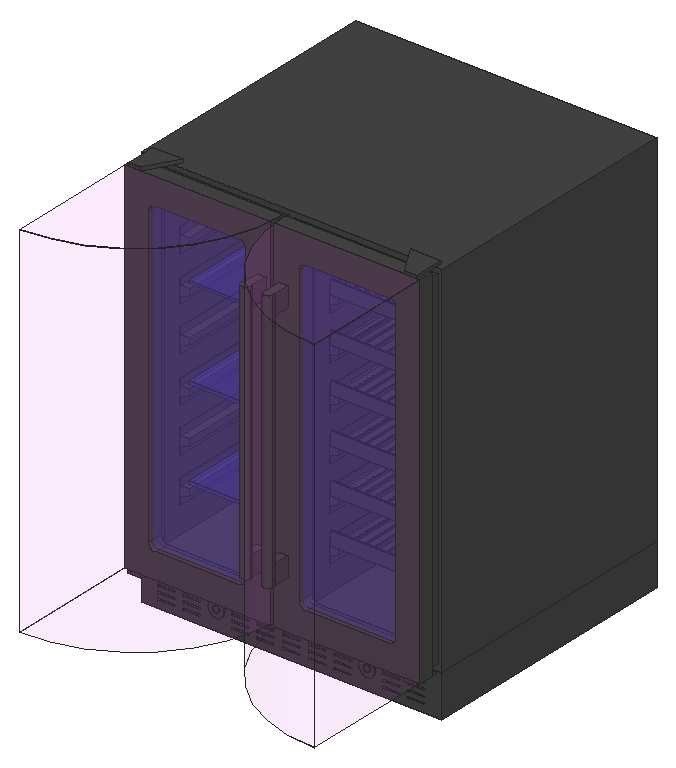
Revit family "QF_Summit_ALFD24WBV_Freestanding_Dual_Zone_Wine", category Specialty Equipment, Revit 2020 (continued)
Definition of nested family "ALFD24WBV"
  Automatic sketch dimensions
    Extrusion 15 sketch curve to Extrusion 11 = 3.72334"
    Extrusion 15 sketch curve to Extrusion 15 sketch curve = 14.42973"
    Extrusion 15 sketch curve to Extrusion 15 sketch curve = 0"  (x9)
    Extrusion 15 sketch curve to Extrusion 15 sketch curve = 0.24975"  (x8)
    Extrusion 15 sketch curve to Extrusion 15 sketch curve = 0.50025"  (x8)
    Extrusion 15 sketch curve to Extrusion 15 sketch curve = 0.43725"
    Extrusion 15 sketch curve to Extrusion 11 = 0.2497"
    Extrusion 15 sketch curve to Extrusion 11 = 0.22309"
    Extrusion 16 sketch curve to Extrusion 11 = 0"  (x10)
    Extrusion 16 sketch curve to Extrusion 11 = 3.72334"
    Extrusion 16 sketch curve to Extrusion 16 sketch curve = 14.42973"
    Extrusion 16 sketch curve to Extrusion 16 sketch curve = 0"  (x9)
    Extrusion 16 sketch curve to Extrusion 16 sketch curve = 0.24975"  (x8)
    Extrusion 16 sketch curve to Extrusion 16 sketch curve = 0.50025"  (x8)
    Extrusion 16 sketch curve to Extrusion 16 sketch curve = 0.43725"
    Extrusion 16 sketch curve to Extrusion 11 = 0.2497"
    Extrusion 16 sketch curve to Extrusion 11 = 0.22309"
    Extrusion 17 sketch curve to Extrusion 11 = 0"  (x10)
    Extrusion 17 sketch curve to Extrusion 11 = 3.72334"
    Extrusion 17 sketch curve to Extrusion 17 sketch curve = 14.42973"
    Extrusion 17 sketch curve to Extrusion 17 sketch curve = 0"  (x9)
    Extrusion 17 sketch curve to Extrusion 17 sketch curve = 0.24975"  (x8)
    Extrusion 17 sketch curve to Extrusion 17 sketch curve = 0.50025"  (x8)
    Extrusion 17 sketch curve to Extrusion 17 sketch curve = 0.43725"
    Extrusion 17 sketch curve to Extrusion 11 = 0.2497"
    Extrusion 17 sketch curve to Extrusion 11 = 0.22309"
    level to Extrusion 18 sketch curve = 5.83924"
    plane 7 "Center Y" to Extrusion 18 sketch curve = 2.60561"
    Extrusion 18 sketch curve to Extrusion 18 sketch curve = 0"
    Extrusion 18 sketch curve to Extrusion 18 sketch curve = 1/2"  (x6)
    Extrusion 18 sketch curve to plane 6 "TOP" = 2.53576"  (x4)
    Extrusion 18 sketch curve to plane 7 "Center Y" = 2.10561"
    plane 3 "LEFT" to Extrusion 18 sketch curve = 2.58439"
    plane 4 "RIGHT" to Extrusion 18 sketch curve = 2.58439"
    Extrusion 19 sketch curve to Extrusion 1 = 0.51096"  (x8)
    Extrusion 19 sketch curve to Extrusion 1 = 1.32835"  (x2)
    Extrusion 19 sketch curve to Extrusion 1 = 0.64529"  (x3)
    Extrusion 19 sketch curve to Extrusion 19 sketch curve = 0"  (x63)
    Extrusion 19 sketch curve to Extrusion 19 sketch curve = 1.22501"  (x11)
    Extrusion 19 sketch curve to Extrusion 19 sketch curve = 0.77499"  (x8)
    Extrusion 19 sketch curve to Extrusion 19 sketch curve = 2.52499"  (x2)
    Extrusion 19 sketch curve to Extrusion 19 sketch curve = 0.77413"  (x2)
    Extrusion 19 sketch curve to Extrusion 1 = 0.69846"
    Extrusion 19 sketch curve to Extrusion 19 sketch curve = 0.77584"  (x2)
    Extrusion 19 sketch curve to Extrusion 19 sketch curve = 3/16"
    Extrusion 19 sketch curve to Extrusion 19 sketch curve = 3/32"  (x44)
    Extrusion 19 sketch curve to Extrusion 19 sketch curve = 5/16"  (x33)
    Extrusion 20 sketch curve to Extrusion 20 sketch curve = 0"  (x4)
    Extrusion 1 to Extrusion 20 sketch curve = 1.55773"  (x2)
    Extrusion 20 sketch curve to Extrusion 1 = 5.82639"
    Extrusion 1 to Extrusion 20 sketch curve = 5.82639"
    Extrusion 1 to Extrusion 21 sketch curve = 1.55773"  (x2)
    Extrusion 21 sketch curve to Extrusion 1 = 5.82639"
    Extrusion 1 to Extrusion 21 sketch curve = 5.82639"
    Extrusion 22 sketch curve to plane 6 "TOP" = 3.2093"
    Extrusion 22 sketch curve to plane 6 "TOP" = 1.411"
    plane 7 "Center Y" to Extrusion 22 sketch curve = 1.66966"
    plane 4 "RIGHT" to Extrusion 22 sketch curve = 1.64534"
    Extrusion 23 sketch curve to Extrusion 22 = 0.61578"  (x2)
    Extrusion 23 sketch curve to Extrusion 23 sketch curve = 0"  (x2)
    Extrusion 23 sketch curve to Extrusion 22 = 0.57934"
    Extrusion 23 sketch curve to Extrusion 23 sketch curve = 1/32"
    Extrusion 23 sketch curve to Extrusion 22 = 0.69945"
    Extrusion 23 sketch curve to Extrusion 23 sketch curve = 0.64207"  (x3)
    Extrusion 23 sketch curve to Extrusion 23 sketch curve = 0.25202"
    Extrusion 23 sketch curve to Extrusion 23 sketch curve = 0.13713"
    Extrusion 24 sketch curve to Extrusion 22 = 0.61578"  (x2)
    Extrusion 24 sketch curve to Extrusion 22 = 0.43053"
    Extrusion 24 sketch curve to Extrusion 24 sketch curve = 0"
    Extrusion 24 sketch curve to Extrusion 22 = 3.24494"
    Extrusion 24 sketch curve to Extrusion 24 sketch curve = 0.91207"  (x2)
    Extrusion 24 sketch curve to Extrusion 24 sketch curve = 0.02162"
    Extrusion 25 sketch curve to Extrusion 22 = 0.61578"  (x2)
    Extrusion 25 sketch curve to Extrusion 25 sketch curve = 0"  (x2)
    Extrusion 25 sketch curve to Extrusion 22 = 0.57934"
    Extrusion 25 sketch curve to Extrusion 25 sketch curve = 1/32"
    Extrusion 25 sketch curve to Extrusion 22 = 3.05839"
    Extrusion 25 sketch curve to Extrusion 25 sketch curve = 0.64207"  (x3)
    Extrusion 25 sketch curve to Extrusion 25 sketch curve = 0.15827"
    Extrusion 25 sketch curve to Extrusion 25 sketch curve = 0.23088"
    Revolve 26 sketch curve to level = 0"  (x2)
    level to Revolve 26 sketch curve = 5/8"
    plane 3 "LEFT" to Revolve 26 sketch curve = 1.84303"
    Revolve 26 sketch curve to Revolve 26 sketch curve = 0.31609"
    Revolve 26 sketch curve to Revolve 26 sketch curve = 0.43391"
    Revolve 26 sketch curve to Revolve 26 sketch curve = 1/8"
    Revolve 26 sketch curve to Revolve 26 sketch curve = 0"
    Revolve 26 sketch curve to Revolve 26 sketch curve = 5/16"
    Revolve 27 sketch curve to level = 0"  (x2)
    Revolve 27 sketch curve to level = 5/8"
    Revolve 27 sketch curve to plane 4 "RIGHT" = 1.74928"
    Revolve 27 sketch curve to Revolve 27 sketch curve = 0.31609"
    Revolve 27 sketch curve to Revolve 27 sketch curve = 0.43391"
    Revolve 27 sketch curve to Revolve 27 sketch curve = 1/8"
    Revolve 27 sketch curve to Revolve 27 sketch curve = 0"
    Revolve 27 sketch curve to Revolve 27 sketch curve = 5/16"
    Revolve 28 sketch curve to level = 0"  (x2)
    level to Revolve 28 sketch curve = 5/8"
    plane 3 "LEFT" to Revolve 28 sketch curve = 1.84303"
    Revolve 28 sketch curve to Revolve 28 sketch curve = 0.31609"
    Revolve 28 sketch curve to Revolve 28 sketch curve = 0.43391"
    Revolve 28 sketch curve to Revolve 28 sketch curve = 1/8"
    Revolve 28 sketch curve to Revolve 28 sketch curve = 0"
    Revolve 28 sketch curve to Revolve 28 sketch curve = 5/16"
    Revolve 29 sketch curve to level = 0"  (x2)
    Revolve 29 sketch curve to level = 5/8"
    Revolve 29 sketch curve to plane 4 "RIGHT" = 1.74928"
    Revolve 29 sketch curve to Revolve 29 sketch curve = 0.31609"
    Revolve 29 sketch curve to Revolve 29 sketch curve = 0.43391"
    Revolve 29 sketch curve to Revolve 29 sketch curve = 1/8"
    Revolve 29 sketch curve to Revolve 29 sketch curve = 0"
    Revolve 29 sketch curve to Revolve 29 sketch curve = 5/16"
    plane 5 "FRONT" to Extrusion 30 sketch curve = 0"  (x2)
    plane 9 to Extrusion 30 sketch curve = 3/8"  (x2)
    plane 7 "Center Y" to Extrusion 30 sketch curve = 1.18209"
    plane 7 "Center Y" to Extrusion 30 sketch curve = 0.56023"
    Extrusion 30 sketch curve to plane 7 "Center Y" = 0.56023"
    Extrusion 30 sketch curve to Extrusion 30 sketch curve = 0.62187"
    plane 9 to Extrusion 31 sketch curve = 3/8"  (x2)
    plane 7 "Center Y" to Extrusion 31 sketch curve = 0.87116"
    Extrusion 31 sketch curve to plane 7 "Center Y" = 0.87116"
    plane 5 "FRONT" to Extrusion 32 sketch curve = 0"  (x2)
    plane 9 to Extrusion 32 sketch curve = 3/8"  (x2)
    plane 7 "Center Y" to Extrusion 32 sketch curve = 1.18209"
    plane 7 "Center Y" to Extrusion 32 sketch curve = 0.56023"
    Extrusion 32 sketch curve to plane 7 "Center Y" = 0.56023"
    Extrusion 32 sketch curve to Extrusion 32 sketch curve = 0.62187"
    Extrusion 33 sketch curve to Extrusion 2 = 15/32"  (x2)
    Extrusion 33 sketch curve to Extrusion 33 sketch curve = 0.96912"
    Extrusion 33 sketch curve to Extrusion 2 = 0.48979"  (x2)
    Extrusion 33 sketch curve to Extrusion 33 sketch curve = 2.33443"
    Extrusion 33 sketch curve to Extrusion 2 = 2.80318"
    Extrusion 33 sketch curve to Extrusion 2 = 1.43787"
    Extrusion 2 to Extrusion 33 sketch curve = 1 7/8"  (x2)
    plane 5 "FRONT" to Extrusion 34 sketch curve = 0"  (x2)
    plane 4 "RIGHT" to Extrusion 34 sketch curve = 1/2"
    Extrusion 34 sketch curve to Extrusion 34 sketch curve = 0.96912"
    Extrusion 34 sketch curve to Extrusion 34 sketch curve = 2.33443"
    plane 3 "LEFT" to Extrusion 34 sketch curve = 2.77193"
    plane 3 "LEFT" to Extrusion 34 sketch curve = 1.40662"
    plane 3 "LEFT" to Extrusion 34 sketch curve = 7/16"
    Extrusion 1 sketch curve to plane 5 "FRONT" = 1 7/8"
    Extrusion 3 sketch curve to Extrusion 3 sketch curve = 1.15391"
    Extrusion 4 sketch curve to plane 5 "FRONT" = 1 7/8"
    Extrusion 4 sketch curve to Extrusion 4 sketch curve = 0.72109"
    Extrusion 5 sketch curve to plane 5 "FRONT" = 1.15391"  (x2)
    Extrusion 34 sketch curve to plane 5 "FRONT" = 2.36479"  (x2)
    Extrusion 3 to Extrusion 35 sketch curve = 0"  (x2)
    Extrusion 35 sketch curve to Extrusion 3 = 0"  (x4)
    Extrusion 3 to Extrusion 35 sketch curve = 0.00028"
    Extrusion 3 to Extrusion 35 sketch curve = 0.01493"
    Extrusion 3 to Extrusion 35 sketch curve = 0.07924"  (x2)
    plane 1 "BACK" to curve 18 = 0"
    curve 18 to plane 3 "LEFT" = 0"
    plane 5 "FRONT" to curve 3 = 0"
    plane 5 "FRONT" to curve 24 = 0"
    curve 18 to plane 4 "RIGHT" = 0"
    plane 3 "LEFT" to curve 3 = 0.22568"
    curve 1 to curve 34 = 0.01493"
    plane 3 "LEFT" to curve 14 = 15/32"
    curve 13 to curve 15 = 2.33443"
    curve 35 to plane 7 "Center Y" = 1.6115"
    plane 9 to curve 27 = 0.58463"
    curve 27 to plane 7 "Center Y" = 1.18209"
    curve 28 to curve 28 = 0.31093"
    curve 28 to curve 31 = 0.31093"
    curve 3 to plane 7 "Center Y" = 1/8"
    plane 7 "Center Y" to curve 24 = 1/8"
    plane 7 "Center Y" to curve 29 = 0.56023"
    curve 29 to curve 32 = 0.31093"
    curve 32 to curve 30 = 0.31093"
    plane 4 "RIGHT" to curve 8 = 2.80318"
    plane 4 "RIGHT" to curve 10 = 15/32"
    plane 4 "RIGHT" to curve 33 = 0.24061"
    curve 10 to curve 22 = 0.22842"
    curve 28 to curve 31 = 0.20963"
    plane 9 to curve 32 = 3/8"
    curve 32 to curve 29 = 0.20963"
    curve 1 to curve 34 = 1.07467"
    curve 4 to curve 33 = 1.07467"
    curve 34 to curve 1 = 0.07924"
    curve 33 to curve 5 = 0.07924"
    curve 34 to curve 24 = 0"
    curve 1 to curve 12 = 0.72109"
    curve 4 to curve 19 = 0.72109"
    curve 7 to curve 9 = 0.48979"
    curve 12 to curve 13 = 0.48979"
    curve 16 to curve 12 = 0.11807"
    curve 13 to curve 15 = 0.96912"
    curve 11 to curve 14 = 0.28278"
    curve 20 to curve 23 = 1/8"
    plane 7 "Center Y" to curve 21 = 1/4"
    plane 7 "Center Y" to curve 36 = 1.60787"
    curve 8 to curve 11 = 0.28278"
    curve 7 to curve 6 = 0.11807"
    curve 36 to plane 9 = 2.65325"
    Extrusion 36 sketch curve to Extrusion 36 sketch curve = 0"  (x40)
    Extrusion 36 sketch curve to plane 6 "TOP" = 5.48057"  (x2)
    Extrusion 36 sketch curve to plane 7 "Center Y" = 5.82591"
    plane 7 "Center Y" to Extrusion 36 sketch curve = 5.82591"
    Extrusion 37 sketch curve to Extrusion 1 = 2.9256"
    Extrusion 1 to Extrusion 37 sketch curve = 1.51319"
    radius of Extrusion 20 sketch curve = 0.61613"  (x2)
    radius of Extrusion 20 sketch curve = 1/4"  (x2)
    radius of Extrusion 21 sketch curve = 0.24564"  (x2)
    radius of Extrusion 31 sketch curve = 3/8"  (x2)
    radius of Extrusion 36 sketch curve = 2 1/4"  (x2)
    radius of Extrusion 36 sketch curve = 2"  (x2)
    radius of Extrusion 36 sketch curve = 1 1/2"  (x2)
    radius of Extrusion 36 sketch curve = 1 1/4"  (x2)
    radius of Extrusion 36 sketch curve = 3/4"  (x2)
    radius of Extrusion 37 sketch curve = 1/4"
